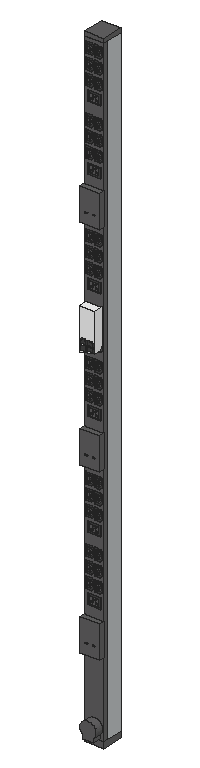
Revit family "Metered PDU 0U", category Installations électriques, Revit 2020 (continued)
Definition of nested family "Metered PDU_Prises"
  Definition of nested family "Module A"
    Automatic sketch dimensions
      Extrusion 1 to curve 1 = 32.408 mm
      curve 5 to curve 9 = 15.409 mm
      Extrusion 1 to curve 7 = 4.646 mm
      curve 1 to curve 7 = 15.409 mm
      curve 9 to curve 14 = 9.493 mm
      curve 7 to curve 13 = 9.493 mm
      curve 10 to curve 12 = 1.778 mm
      curve 14 to curve 17 = 1.778 mm
      curve 16 to curve 3 = 4.783 mm
      curve 1 to curve 6 = 1.577 mm
      curve 2 to curve 11 = 6.678 mm
      curve 10 to curve 13 = 5.334 mm
      curve 10 to curve 9 = 8.741 mm
      curve 8 to curve 14 = 5.106 mm
      curve 15 to curve 16 = 5.334 mm
      curve 1 to curve 6 = 1.566 mm
      curve 5 to curve 8 = 1.566 mm
      curve 7 to curve 8 = 3.535 mm
      curve 5 to curve 15 = 6.778 mm
      Extrusion 1 to curve 9 = 4.826 mm
      Extrusion 1 sketch curve to Extrusion 1 sketch curve = 86.676 mm
      Extrusion 1 to Extrusion 2 sketch curve = 9.747 mm
      Extrusion 1 to Extrusion 2 sketch curve = 29.367 mm
      Extrusion 2 sketch curve to Extrusion 2 sketch curve = 0 mm
      Extrusion 2 sketch curve to Extrusion 2 sketch curve = 1.778 mm  (x2)
      Extrusion 2 sketch curve to Extrusion 2 sketch curve = 5.334 mm  (x2)
      Extrusion 2 sketch curve to Extrusion 2 sketch curve = 13.848 mm
  Definition of nested family "Module C"
    Parameters (values of type "Module D")
      Largeur = 44.3 mm
      Default Elevation = 0 mm
    Reference planes
      plane 1 "Centre (avant/arrière)": y = 0
      plane 2: z = 0
      plane 3 "Centre (gauche/droite)": x = 0
      plane 4: x = -22.15
      plane 5: x = 22.15
      plane 6: x = 26
      plane 7: x = -26
      plane 8: z = 86.717
      plane 9: z = 23.202
      plane 10: z = 39.033
      plane 11: z = 52.875
      plane 12: z = 27.753
      plane 13: z = 29.531
      plane 14: z = 54.665
    Forms (mm)
      Extrusion 1, solid
        sketch origin (0, 0, 5.691) x (0, 1, 0) y (0, 0, 1)
          loop
            line (-15.1, 80.762) -> (-15.1, -5.428) -> (0, -5.691) -> (0, 81.026) -> (-15.1, 80.762)
        from -26 to 26
      Extrusion 2, solid
        sketch origin (4.012, -15.1, 94.848) x (0, 0, -1) y (1, 0, 0)
          loop
            line (65.318, -16.253) -> (67.095, -16.253) -> (67.095, -10.919) -> (65.318, -10.919) -> (65.318, -16.253)
          loop
            line (65.318, 2.928) -> (67.095, 2.928) -> (67.095, 8.262) -> (65.318, 8.262) -> (65.318, 2.928)
        from -0.7 to 0.3
    Lines and regions (mm)
      model lines
        curve 1: line (-19.081, -15.1, 54.665) -> (19.081, -15.1, 54.665)
        curve 2: line (-19.081, -15.1, 23.202) -> (-19.081, -15.1, 54.665)
        curve 3: line (19.081, -15.1, 23.202) -> (-19.081, -15.1, 23.202)
        curve 4: line (0, -15.1, 54.665) -> (0, -15.1, 23.202)
        curve 5: line (-16.892, -15.1, 52.875) -> (-16.892, -15.1, 39.033)
        curve 6: line (-1.892, -15.1, 39.033) -> (-16.892, -15.1, 39.033)
        curve 7: line (19.081, -15.1, 23.202) -> (19.081, -15.1, 54.665)
        curve 8: line (2.189, -15.1, 52.875) -> (2.189, -15.1, 39.033)
        curve 9: line (17.189, -15.1, 39.033) -> (2.189, -15.1, 39.033)
    Dimensions and locks
      equal spacing: plane 6, plane 3 "Centre (gauche/droite)", plane 7
      plane 7 to plane 6 = 52 mm
      aligned and locked: level to plane 2
      aligned and locked: Extrusion 1 to plane 6
      aligned and locked: Extrusion 1 to plane 7
    Automatic sketch dimensions
      Extrusion 1 sketch curve to plane 1 "Centre (avant/arrière)" = 0 mm
      level to Extrusion 1 sketch curve = 0 mm
      plane 1 "Centre (avant/arrière)" to Extrusion 1 sketch curve = 15.1 mm
      level to Extrusion 1 sketch curve = 0.264 mm
      Extrusion 1 sketch curve to Extrusion 1 sketch curve = 0.264 mm
      Extrusion 1 sketch curve to Extrusion 1 sketch curve = 86.19 mm
      Extrusion 1 to Extrusion 2 sketch curve = 13.759 mm
      Extrusion 1 to Extrusion 2 sketch curve = 29.267 mm
      Extrusion 2 sketch curve to Extrusion 2 sketch curve = 0 mm
      Extrusion 2 sketch curve to Extrusion 2 sketch curve = 1.778 mm  (x2)
      Extrusion 2 sketch curve to Extrusion 2 sketch curve = 5.334 mm  (x2)
      Extrusion 2 sketch curve to Extrusion 2 sketch curve = 13.848 mm
      Extrusion 1 to curve 1 = 6.919 mm
      Extrusion 1 to curve 1 = 31.789 mm
      curve 4 to curve 8 = 15.632 mm
      curve 1 to curve 5 = 15.632 mm
      Extrusion 1 to curve 3 = 6.919 mm
      curve 5 to curve 3 = 15.831 mm
      Extrusion 1 to curve 5 = 9.108 mm
      curve 5 to curve 8 = 19.081 mm
      curve 4 to curve 8 = 1.789 mm
      curve 1 to curve 5 = 1.789 mm
      curve 6 to curve 8 = 4.081 mm
      curve 4 to curve 8 = 2.189 mm
      Extrusion 1 to curve 9 = 8.811 mm
Definition of nested family "Alimentation"
  Parameters (values of type "Prise rectangulaire")
    Prise rotative = no
    Prise rectangulaire = yes
    Default Elevation = 0 mm
  Types (2, lengths in mm): name | Prise rotative | Prise rectangulaire
    Prise rotative | yes | no
    Prise rectangulaire | no | yes
  Reference planes
    plane 1 "Centre (avant/arrière)": y = 0
    plane 2: z = 0
    plane 3 "Centre (gauche/droite)": x = 0
    plane 4: x = -22.15
    plane 5: x = 22.15
  Forms (mm)
    Extrusion 1, solid, visible <- "Prise rectangulaire", detail levels fine
      sketch origin (0, 0, 0) x (1, 0, 0) y (0, 0, 1)
        loop
          line (-14.8, 50.167) -> (-14.8, 28.667) -> (14.8, 28.667) -> (14.8, 50.167) -> (-14.8, 50.167)
        loop
          line (3.95, 36.417) -> (3.95, 34.417) -> (8.95, 34.417) -> (8.95, 36.417) -> (3.95, 36.417)
        loop
          line (-3.05, 44.417) -> (-3.05, 42.417) -> (2.95, 42.417) -> (2.95, 44.417) -> (-3.05, 44.417)
        loop
          line (-3.95, 36.417) -> (-8.95, 36.417) -> (-8.95, 34.417) -> (-3.95, 34.417) -> (-3.95, 36.417)
      from 0 to 1
    Extrusion 2, solid, visible <- "Prise rotative"
      sketch origin (0, 0, 0) x (1, 0, 0) y (0, 0, 1)
        loop
          arc (14.384, 28.145) -> (0, 65.582) -> (-14.384, 28.145) r 21.482
          line (-14.384, 28.145) -> (-14.384, 18.1) -> (14.384, 18.1) -> (14.384, 28.145)
      from 0 to 21.1
  Lines and regions (mm)
    model lines, visible <- "Prise rectangulaire", detail levels fine
      curve 1: line (-18.15, 0, 52.917) -> (18.15, 0, 52.917)
      curve 2: line (-18.15, 0, 25.917) -> (-18.15, 0, 52.917)
      curve 3: line (-18.15, 0, 25.917) -> (18.15, 0, 25.917)
      curve 4: line (18.15, 0, 25.917) -> (18.15, 0, 52.917)
    model lines, visible <- "Prise rotative", detail levels fine
      curve 5: arc (11.549, -21.1, 29.46) -> (0, -21.1, 62.746) -> (-11.549, -21.1, 29.46) r 18.646
      curve 6: line (-11.549, -21.1, 29.46) -> (-11.549, -21.1, 18.1)
      curve 7: line (11.549, -21.1, 29.46) -> (11.549, -21.1, 18.1)
  Dimensions and locks
    plane 5 to plane 3 "Centre (gauche/droite)" to plane 4 = 22.15 mm, 22.15 mm
    plane 5 to plane 4 = 44.3 mm
    aligned and locked: level to plane 2
Definition of nested family "Base_Node"
  Parameters (values of type "Base HD")
    Node = no
    Default Elevation = 0 mm
    Base = yes
  Types (2, lengths in mm): name | Node | Base
    Base HD | no | yes
    Node HD | yes | no
  Reference planes
    plane 1 "Centre (avant/arrière)": y = 0
    plane 2: z = 0
    plane 3 "Centre (gauche/droite)": x = 0
    plane 4: x = -22.15
    plane 5: x = 22.15
    plane 6: x = 26
    plane 7: x = -26
    plane 8: z = 132
    plane 9: z = 125.964
    plane 10: z = 11.589
    plane 11: z = 21.233
    plane 12: z = 52.346
    plane 13: z = 68.828
    plane 14: z = 60.293
    plane 15: x = -20.475
    plane 16: x = 20.487
    plane 17: z = 71.128
    plane 18: z = 6.647
  Forms (mm)
    Extrusion 1, solid, visible <- "Node"
      sketch origin (0, 0, -1.235) x (1, 0, 0) y (0, 0, 1)
        loop
          line (-20.475, 125.964) -> (-20.475, 14.024) -> (20.488, 23.668) -> (20.487, 125.964) -> (-20.475, 125.964)
      from 0 to 24.5
    Extrusion 2, solid, visible <- "Node", detail levels fine
      sketch origin (-1.862, 0, -883.582) x (1, 0, 0) y (0, 0, 1)
        loop
          line (-14.958, 929.905) -> (-14.958, 921.277) -> (0.405, 921.277) -> (0.405, 929.905) -> (-3.595, 929.905) -> (-3.595, 933.74) -> (-10.958, 933.74) -> (-10.958, 929.905) -> (-14.958, 929.905)
        loop
          line (18.682, 929.905) -> (14.682, 929.905) -> (14.682, 933.74) -> (7.319, 933.74) -> (7.319, 929.905) -> (3.319, 929.905) -> (3.319, 921.277) -> (18.682, 921.277) -> (18.682, 929.905)
        loop
          line (-14.958, 917.057) -> (-14.958, 904.057) -> (-1.497, 904.057) -> (-1.497, 917.057) -> (-14.958, 917.057)
        loop
          line (3.319, 917.057) -> (3.319, 909.005) -> (18.682, 909.005) -> (18.682, 917.057) -> (3.319, 917.057)
      from 24.5 to 25.5
    Extrusion 3, solid, visible <- "Base", detail levels fine
      sketch origin (-1.868, 24.5, -874.832) x (1, 0, 0) y (0, 0, 1)
        loop
          line (-14.958, 929.905) -> (-14.958, 921.277) -> (0.405, 921.277) -> (0.405, 929.905) -> (-3.595, 929.905) -> (-3.595, 933.74) -> (-10.958, 933.74) -> (-10.958, 929.905) -> (-14.958, 929.905)
        loop
          line (18.682, 929.905) -> (14.682, 929.905) -> (14.682, 933.74) -> (7.319, 933.74) -> (7.319, 929.905) -> (3.319, 929.905) -> (3.319, 921.277) -> (18.682, 921.277) -> (18.682, 929.905)
        loop
          line (-4.848, 974.005) -> (-4.848, 957.988) -> (8.585, 957.988) -> (8.585, 974.005) -> (-4.848, 974.005)
      from 24.5 to 25.5
    Sweep 4, solid, detail levels fine
      path origin (0, -24.5, 3.191) x (1, 0, 0) y (0, 0, 1)
        loop
          line (-50.389, 4.547) -> (47.662, 27.63)
      profile origin (-1.363, -24.5, 19.28) x (-0.229156, 0, 0.97339) y (0, -1, 0)
        loop
          line (1.947, -18.498) -> (-1.938, -18.498)
          spline (-1.938, -18.498) -> (-1.987, -19.281) -> (-2.139, -20.051) -> (-2.39, -20.794) -> (-2.736, -21.499) -> (-3.17, -22.151) -> (-3.687, -22.742) -> (-4.277, -23.259) -> (-4.929, -23.696) -> (-5.633, -24.043) -> (-6.376, -24.295) -> (-7.146, -24.448) -> (-7.93, -24.5)
          line (-7.93, -24.5) -> (7.959, -24.5)
          spline (7.959, -24.5) -> (7.175, -24.449) -> (6.405, -24.295) -> (5.661, -24.043) -> (4.957, -23.696) -> (4.303, -23.259) -> (3.712, -22.742) -> (3.194, -22.151) -> (2.756, -21.499) -> (2.408, -20.794) -> (2.154, -20.051) -> (2, -19.281) -> (1.947, -18.498)
    Extrusion 5, void
      sketch origin (0, -24.5, -1.235) x (-1, 0, 0) y (0, 0, 1)
        loop
          line (55.039, 30.337) -> (20.575, 30.337) -> (20.575, -10.064) -> (55.039, -10.064) -> (55.039, 30.337)
        loop
          line (-20.587, 45.323) -> (-52.15, 45.323) -> (-52.15, 8.339) -> (-20.587, 8.339) -> (-20.587, 45.323)
      from 0 to 250
  Cuts and joins
    Extrusion 5 cuts Sweep 4
  Lines and regions (mm)
    Split face 1
      outline origin (0, -24.5, -1.235) x (1, 0, 0) y (0, 0, 1)
        loop
          line (-20.475, 68.828) -> (20.488, 68.828)
    Split face 2
      outline origin (0, -24.5, -1.235) x (1, 0, 0) y (0, 0, 1)
        loop
          line (-14.524, 119.945) -> (-14.524, 83.845) -> (14.476, 83.845) -> (14.476, 119.945) -> (-14.524, 119.945)
    model lines, detail levels fine
      curve 1: line (-20.475, 0, 125.964) -> (20.487, 0, 125.964)
      curve 2: line (-20.475, 0, 2.889) -> (-20.475, 0, 125.964)
      curve 3: line (20.487, 0, 125.964) -> (20.487, 0, 2.889)
      curve 4: line (20.487, 0, 2.889) -> (-20.475, 0, 2.889)
  Dimensions and locks
    equal spacing: plane 5, plane 3 "Centre (gauche/droite)", plane 4
    locked: plane 5 to plane 4 at 44.3
    equal spacing: plane 6, plane 3 "Centre (gauche/droite)", plane 7
    plane 7 to plane 6 = 52 mm
    plane 8 to plane 2 = 132 mm
    aligned and locked: level to plane 2
    aligned and locked: plane 16 to Extrusion 1
    aligned and locked: Extrusion 1 to plane 15
  Automatic sketch dimensions
    Extrusion 1 sketch curve to plane 9 = 1.235 mm
    plane 15 to Extrusion 2 sketch curve = 3.655 mm  (x2)
    Extrusion 2 sketch curve to plane 11 = 0.758 mm
    Extrusion 2 sketch curve to Extrusion 2 sketch curve = 4 mm
    Extrusion 2 sketch curve to plane 12 = 2.188 mm
    Extrusion 2 sketch curve to plane 3 "Centre (gauche/droite)" = 5.457 mm
    Extrusion 2 sketch curve to plane 3 "Centre (gauche/droite)" = 3.359 mm
    Extrusion 2 sketch curve to plane 3 "Centre (gauche/droite)" = 1.457 mm
    plane 3 "Centre (gauche/droite)" to Extrusion 2 sketch curve = 1.457 mm  (x2)
    Extrusion 2 sketch curve to plane 12 = 2.187 mm
    plane 3 "Centre (gauche/droite)" to Extrusion 2 sketch curve = 5.457 mm
    Extrusion 2 sketch curve to Extrusion 2 sketch curve = 7.362 mm
    Extrusion 2 sketch curve to plane 16 = 3.668 mm  (x2)
    plane 11 to Extrusion 2 sketch curve = 4.191 mm
    Extrusion 2 sketch curve to Extrusion 2 sketch curve = 8.052 mm
    Extrusion 2 sketch curve to Extrusion 2 sketch curve = 0 mm  (x2)
    Extrusion 2 sketch curve to Extrusion 2 sketch curve = 4.22 mm  (x2)
    Extrusion 2 sketch curve to Extrusion 2 sketch curve = 3.835 mm  (x3)
    Extrusion 1 to Split face 1 sketch curve = 0 mm
    Split face 1 sketch curve to Extrusion 1 = 0 mm
    Split face 1 sketch curve to Extrusion 1 = 57.137 mm
    plane 15 to Extrusion 3 sketch curve = 3.649 mm
    Extrusion 3 sketch curve to Extrusion 3 sketch curve = 4 mm
    Extrusion 3 sketch curve to plane 3 "Centre (gauche/droite)" = 6.716 mm
    Extrusion 3 sketch curve to plane 14 = 1.385 mm  (x2)
    Extrusion 3 sketch curve to plane 3 "Centre (gauche/droite)" = 5.463 mm
    Extrusion 3 sketch curve to plane 3 "Centre (gauche/droite)" = 1.463 mm
    plane 3 "Centre (gauche/droite)" to Extrusion 3 sketch curve = 1.451 mm
    plane 3 "Centre (gauche/droite)" to Extrusion 3 sketch curve = 5.451 mm
    plane 3 "Centre (gauche/droite)" to Extrusion 3 sketch curve = 6.716 mm
    Extrusion 3 sketch curve to Extrusion 3 sketch curve = 7.362 mm
    Extrusion 3 sketch curve to plane 16 = 3.674 mm
    plane 12 to Extrusion 3 sketch curve = 2.728 mm  (x4)
    Extrusion 3 sketch curve to plane 12 = 5.9 mm
    Extrusion 3 sketch curve to Extrusion 3 sketch curve = 0 mm
    Extrusion 3 sketch curve to plane 17 = 12.028 mm
    Extrusion 3 sketch curve to Extrusion 3 sketch curve = 16.017 mm
    Extrusion 1 to Sweep 4 sketch curve = 29.914 mm
    Extrusion 1 to Sweep 4 sketch curve = 27.175 mm
    Extrusion 5 sketch curve to Extrusion 1 = 31.662 mm
    Extrusion 5 sketch curve to Extrusion 1 = 0.1 mm  (x2)
    Extrusion 5 sketch curve to Extrusion 5 sketch curve = 34.464 mm
    Extrusion 1 to Extrusion 5 sketch curve = 136.028 mm
    Extrusion 5 sketch curve to Extrusion 5 sketch curve = 18.403 mm
    Extrusion 5 sketch curve to Extrusion 5 sketch curve = 40.401 mm
    Extrusion 5 sketch curve to Extrusion 5 sketch curve = 36.984 mm
    Split face 2 sketch curve to Extrusion 1 = 6.011 mm
    Split face 2 sketch curve to Extrusion 1 = 42.119 mm
    Split face 2 sketch curve to Extrusion 1 = 6.019 mm
    Split face 2 sketch curve to Extrusion 1 = 5.951 mm
    Sweep 4 sketch curve to profile plane = 18.498 mm
    profile plane to Sweep 4 sketch curve = 1.938 mm
    Sweep 4 sketch curve to Sweep 4 sketch curve = 3.885 mm
    Sweep 4 sketch curve to Sweep 4 sketch curve = 0.012 mm  (x2)
    Sweep 4 sketch curve to Sweep 4 sketch curve = 0 mm  (x2)
    Sweep 4 sketch curve to Sweep 4 sketch curve = 1.125 mm
    Sweep 4 sketch curve to Sweep 4 sketch curve = 5.999 mm
    Sweep 4 sketch curve to Sweep 4 sketch curve = 4.074 mm
    Sweep 4 sketch curve to Sweep 4 sketch curve = 0.002 mm
    Sweep 4 sketch curve to Sweep 4 sketch curve = 0.003 mm
    Sweep 4 sketch curve to Extrusion 1 = 116.991 mm
    Sweep 4 sketch curve to Extrusion 1 = 93.908 mm
    curve 4 to plane 15 = 0 mm
    curve 4 to plane 16 = 0 mm
    curve 2 to plane 9 = 0 mm
    level to curve 3 = 2.889 mm
    Extrusion 1 sketch curve to plane 15 = 0 mm
    plane 11 to Extrusion 1 sketch curve = 1.2 mm
    Extrusion 1 sketch curve to plane 16 = 0 mm
    plane 10 to Extrusion 1 sketch curve = 1.2 mm
Types (17, lengths in mm): name | Width (mm) | Type of electric connection | Supply current | Position base_node | Number of phases | Number of MCB | Number of C19 outlets | Number of C13 outlets | Length | Legrand part number | GTIN | E-catalogue link | Description | Depth (mm) | Cable cross section MIN_MAX | Base_Node | 646116_646117 | 646114_646115 | 646112_646113 | 646110_646111 | 646108_646109 | 646106_646107 | 646104_646105 | 646102_646103
  (no name) | 52 | "CEE 32 A" | "32-32" | 942.4 | 3 | 6 | 6 | 36 | 1710 | "LG-646117" | "3414972245791" | "https://www.legrand.fr/reference/646117/pro" | "PDU HD metered node 0U 3 phase 32A 36+6 C13/C19 locking outlets IEC 60309" | 91.4 | "6-6" | Base_Node : Node HD | yes | no | no | no | no | no | no | no
  PDU MB 0U 1P 16A 18xC13+4xC19 | 44.3 | "CEE 16 A" | "16-16" | 591 | 1 | 0 | 4 | 18 | 1113 | "LG-646102" | "3414972245814" | "https://www.legrand.fr/reference/646102/pro" | "PDU metered base 0U 1 phase 16A 18+4 C13/C19 locking outlets IEC 60309" | 65.9 | "2.5-2.5" | Base_Node : Base HD | no | no | no | no | no | no | no | yes
  PDU MN 0U 1P 16A 18xC13+4xC19 | 44.3 | "CEE 16 A" | "16-16" | 591 | 1 | 0 | 4 | 18 | 1113 | "LG-646103" | "3414972245876" | "https://www.legrand.fr/reference/646103/pro" | "PDU metered node 0U 1 phase 16A 18+4 C13/C19 locking outlets IEC 60309" | 83.7 | "2.5-2.5" | Base_Node : Node HD | no | no | no | no | no | no | no | yes
  PDU MB 0U 1P 32A 20xC13+4xC19 | 44.3 | "CEE 32 A" | "32-32" | 747.7 | 1 | 2 | 4 | 20 | 1317 | "LG-646104" | "3414972245838" | "https://www.legrand.fr/reference/646104/pro" | "PDU metered base 0U 1 phase 32A 20+4 C13/C19 locking outlets IEC 60309" | 65.9 | "6-6" | Base_Node : Base HD | no | no | no | no | no | no | yes | no
  PDU MN 0U 1P 32A 20xC13+4xC19 | 44.3 | "CEE 32 A" | "32-32" | 747.7 | 1 | 2 | 4 | 20 | 1317 | "LG-646105" | "3414972245890" | "https://www.legrand.fr/reference/646105/pro" | "PDU metered node 0U 1 phase 32A 20+4 C13/C19 locking outlets IEC 60309" | 83.7 | "6-6" | Base_Node : Node HD | no | no | no | no | no | no | yes | no
  PDU MB 0U 1P 32A 24xC13+12xC19 | 52 | "CEE 32 A" | "32-32" | 816.8 | 1 | 2 | 12 | 24 | 1458 | "LG-646106" | "3414972245579" | "https://www.legrand.fr/reference/646106/pro" | "PDU HD metered base 0U 1 phase 32A 24+12 C13/C19 locking outlets IEC 60309" | 73.4 | "6-6" | Base_Node : Base HD | no | no | no | no | no | yes | no | no
  PDU MN 0U 1P 32A 24xC13+12xC19 | 52 | "CEE 32 A" | "32-32" | 816.8 | 1 | 2 | 12 | 24 | 1458 | "LG-646107" | "3414972245692" | "https://www.legrand.fr/reference/646107/pro" | "PDU HD metered node 0U 1 phase 32A 24+12 C13/C19 locking outlets IEC 60309" | 91.4 | "6-6" | Base_Node : Node HD | no | no | no | no | no | yes | no | no
  PDU MB 0U 1P 32A 36xC13+6xC19 | 52 | "CEE 32 A" | "32-32" | 807.6 | 1 | 2 | 6 | 36 | 1440 | "LG-646108" | "3414972245593" | "https://www.legrand.fr/reference/646108/pro" | "PDU HD metered base 0U 1 phase 32A 36+6 C13/C19 locking outlets IEC 60309" | 73.4 | "6-6" | Base_Node : Base HD | no | no | no | no | yes | no | no | no
  PDU MN 0U 1P 32A 36xC13+6xC19 | 52 | "CEE 32 A" | "32-32" | 807.6 | 1 | 2 | 6 | 36 | 1440 | "LG-646109" | "3414972245715" | "https://www.legrand.fr/reference/646109/pro" | "PDU HD metered node 0U 1 phase 32A 36+6 C13/C19 locking outlets IEC 60309" | 91.4 | "6-6" | Base_Node : Node HD | no | no | no | no | yes | no | no | no
  PDU MB 0U 3P 16A 36xC13+6xC19 | 52 | "CEE 16 A" | "16-16" | 877.2 | 3 | 0 | 6 | 36 | 1350 | "LG-646110" | "3414972245616" | "https://www.legrand.fr/reference/646110/pro" | "PDU HD metered base 0U 3 phase 16A 36+6 C13/C19 locking outlets IEC 60309" | 73.4 | "2.5-2.5" | Base_Node : Base HD | no | no | no | yes | no | no | no | no
  PDU MN 0U 3P 16A 36xC13+6xC19 | 52 | "CEE 16 A" | "16-16" | 877.2 | 3 | 0 | 6 | 36 | 1350 | "LG-646111" | "3414972245739" | "https://www.legrand.fr/reference/646111/pro" | "PDU HD metered node 0U 3 phase 16A 36+6 C13/C19 locking outlets IEC 60309" | 91.4 | "2.5-2.5" | Base_Node : Node HD | no | no | no | yes | no | no | no | no
  PDU MB 0U 3P 32A 24xC13+12xC19 | 52 | "CEE 32 A" | "32-32" | 952 | 3 | 6 | 12 | 24 | 1728 | "LG-646112" | "3414972245630" | "https://www.legrand.fr/reference/646112/pro" | "PDU HD metered base 0U 3 phase 32A 24+12 C13/C19 locking outlets IEC 60309" | 73.4 | "6-6" | Base_Node : Base HD | no | no | yes | no | no | no | no | no
  PDU MN 0U 3P 32A 24xC13+12xC19 | 52 | "CEE 32 A" | "32-32" | 952 | 3 | 6 | 12 | 24 | 1728 | "LG-646113" | "3414972245753" | "https://www.legrand.fr/reference/646113/pro" | "PDU HD metered node 0U 3 phase 32A 24+12 C13/C19 locking outlets IEC 60309" | 91.4 | "6-6" | Base_Node : Node HD | no | no | yes | no | no | no | no | no
  PDU MB 0U 3P 32A 36xC13+12xC19 | 52 | "CEE 32 A" | "32-32" | 1068.3 | 3 | 6 | 12 | 36 | 1962 | "LG-646114" | "3414972245654" | "https://www.legrand.fr/reference/646114/pro" | "PDU HD metered base 0U 3 phase 32A 36+12 C13/C19 locking out. IEC 60309" | 73.4 | "6-6" | Base_Node : Base HD | no | yes | no | no | no | no | no | no
  PDU MN 0U 3P 32A 36xC13+12xC19 | 52 | "CEE 32 A" | "32-32" | 1068.3 | 3 | 6 | 12 | 36 | 1962 | "LG-646115" | "3414972245777" | "https://www.legrand.fr/reference/646115/pro" | "PDU HD metered node 0U 3 phase 32A 36+12 C13/C19 locking out. IEC 60309" | 91.4 | "6-6" | Base_Node : Node HD | no | yes | no | no | no | no | no | no
  PDU MB 0U 3P 32A 36xC13+6xC19 | 52 | "CEE 32 A" | "32-32" | 942.4 | 3 | 6 | 6 | 36 | 1710 | "LG-646116" | "3414972245678" | "https://www.legrand.fr/reference/646116/pro" | "PDU HD metered base 0U 3 phase 32A 36+6 C13/C19 locking outlets IEC 60309" | 73.4 | "6-6" | Base_Node : Base HD | yes | no | no | no | no | no | no | no
  PDU MN 0U 3P 32A 36xC13+6xC19 | 52 | "CEE 32 A" | "32-32" | 942.4 | 3 | 6 | 6 | 36 | 1710 | "LG-646117" | "3414972245791" | "https://www.legrand.fr/reference/646117/pro" | "PDU HD metered node 0U 3 phase 32A 36+6 C13/C19 locking outlets IEC 60309" | 91.4 | "6-6" | Base_Node : Node HD | yes | no | no | no | no | no | no | no
